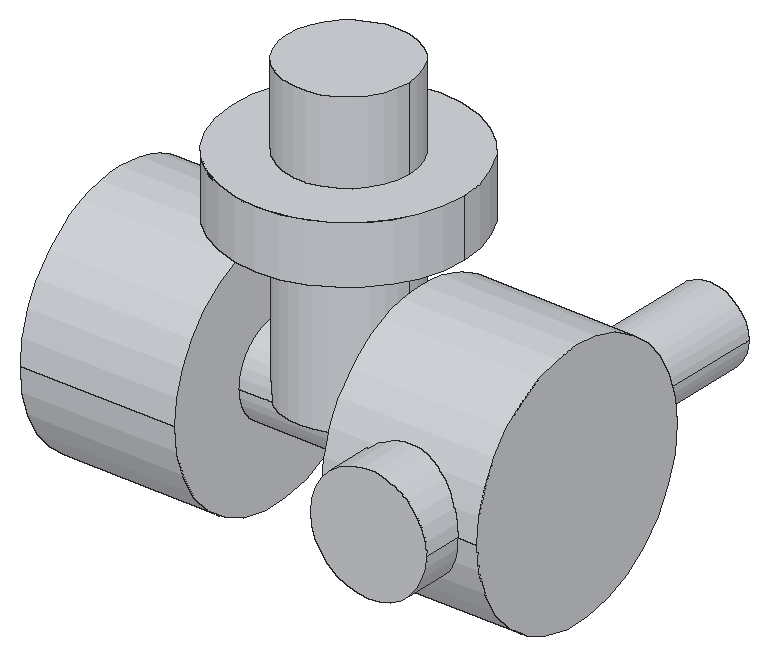
Revit family "M_Compositor de circuito - 15-50 mm", category Acessórios do tubo, Revit 2019
Family settings
  Cota do conector redondo = Usar raio
  Tipo de parte = Válvula - Quebra entre
  Número OmniClass = 23.65.55.14.17
  Título OmniClass = Adjusting/Controlling Valves for Liquid Services
  ID de item do Seek = Circuit Setter - 15-50 mm-0000-CAN-ENU
  Com base no plano de trabalho = Não
  Sempre na vertical = Sim
  Corte com vazios quando carregada = Não
  Compartilhado = Não
Parameters (values of type "15 mm")
  Raio do soquete = (Diâmetro nominal / 2) + 13 mm  # 20.5 mm
  Queda de pressão [instance] = 149000.0 Pa
  Largura total = 70 mm
  Comprimento total = 75 mm
  Altura total = 56 mm
  Raio nominal = 7.5 mm
  Diâmetro nominal = Raio nominal * 2  # 15 mm
  Comprimento 1 = Altura total - Raio do soquete  # 35.5 mm
  K Coefficient = 4.54
  Altura2 = Raio do soquete + 6 mm  # 26.5 mm
  Altura 1 = Largura total - Raio do soquete  # 49.5 mm
  Material do compositor de circuito = none
  Raio do corpo = Raio nominal  # 7.5 mm
Types (7, lengths in mm): name | Raio do soquete | Largura total | Comprimento total | Altura total | Raio nominal | Diâmetro nominal | Comprimento 1 | K Coefficient | Altura2 | Altura 1 | Raio do corpo
  (no name) | 20.5 | 70 | 75 | 56 | 7.5 | 15 | 35.5 | 4.54 | 26.5 | 49.5 | 7.5
  15 mm | 20.5 | 70 | 75 | 56 | 7.5 | 15 | 35.5 | 4.54 | 26.5 | 49.5 | 7.5
  20 mm | 23 | 75 | 78 | 60 | 10 | 20 | 37 | 6.79 | 29 | 52 | 10
  25 mm | 25.5 | 81 | 100 | 68 | 12.5 | 25 | 42.5 | 5.09 | 31.5 | 55.5 | 12.5
  32 mm | 29 | 89 | 111 | 83 | 16 | 32 | 54 | 1.08 | 35 | 60 | 16
  40 mm | 33 | 97 | 113 | 88 | 20 | 40 | 55 | 0.51 | 39 | 64 | 20
  50 mm | 38 | 108 | 130 | 102 | 25 | 50 | 64 | 2.6 | 44 | 70 | 25
Reference planes
  plane 1 "Centro (Frente/Trás)": y = 0
  plane 2: z = 0
  plane 3 "Centro (Esquerda/Direita)": x = 0
  plane 4: x = -37.5
  plane 5: x = 37.5
  plane 6: y = 43.15
  plane 7: y = -26.85
  plane 8: x = -12.1
  plane 9: y = -20.5
  plane 10: y = 20.5
  plane 11: x = 12.1
  plane 12: z = 26.5
  plane 13: z = 36.025
  plane 14: z = 49.5
  plane 15: x = 24.8
  plane 16: x = -24.8
Forms (mm)
  Extrusion 1, solid, material <- "Material do compositor de circuito", detail levels fine
    sketch origin (0, 0, 0) x (0, 1, 0) y (0, 0, 1)
      loop
        circle (0, 0) r 20.5
    from 12.1 to 37.5
  Extrusion 2, solid, material <- "Material do compositor de circuito", detail levels fine
    sketch origin (0, 0, 0) x (0, 1, 0) y (0, 0, -1)
      loop
        circle (0, 0) r 20.5
    from 12.1 to 37.5
  Extrusion 3, solid, material <- "Material do compositor de circuito", detail levels fine
    sketch origin (23.812, 0, 0) x (0, 1, 0) y (0, 0, -1)
      loop
        circle (0, 0) r 7.5
    from 11.712 to 35.912
  Extrusion 4, solid, material <- "Material do compositor de circuito", detail levels fine
    sketch origin (0, 0, 0) x (1, 0, 0) y (0, 1, 0)
      loop
        circle (0, 0) r 19.05
    from 36.025 to 26.5
  Extrusion 5, solid, material <- "Material do compositor de circuito", detail levels fine
    sketch origin (0, 0, 0) x (1, 0, 0) y (0, 1, 0)
      loop
        circle (0, 0) r 10.055
    from 0 to 49.5
  Extrusion 6, solid, material <- "Material do compositor de circuito", detail levels fine
    sketch origin (0, 0, 0) x (1, 0, 0) y (0, 0, 1)
      loop
        circle (-24.8, 0) r 6.35
    from 0 to -43.15
  Extrusion 7, solid, material <- "Material do compositor de circuito", detail levels fine
    sketch origin (0, 0, 0) x (-1, 0, 0) y (0, 0, -1)
      loop
        circle (-24.8, 0) r 6.35
    from 0 to -43.15
  Extrusion 8, solid, material <- "Material do compositor de circuito", detail levels fine
    sketch origin (0, 0, 0) x (-1, 0, 0) y (0, 0, 1)
      loop
        circle (-24.8, 0) r 9.525
    from 0 to -26.85
Cuts and joins
  joined: Extrusion 1, Extrusion 2, Extrusion 4, Extrusion 5, Extrusion 6, Extrusion 7, Extrusion 8
Lines and regions (mm)
  model lines, detail levels coarse+medium
    curve 1: line (0, 0, 0) -> (37.5, 21.651, 0)
    curve 2: line (0, 0, 0) -> (37.5, -21.651, 0)
    curve 3: line (37.5, 21.651, 0) -> (37.5, -21.651, 0)
    curve 4: line (0, 0, 0) -> (-37.5, 21.651, 0)
    curve 5: line (0, 0, 0) -> (-37.5, -21.651, 0)
    curve 6: line (-37.5, 21.651, 0) -> (-37.5, -21.651, 0)
  model lines
    curve 7: line (-24.8, 43.15, 0) -> (-24.8, 14.318, 0)
    curve 8: line (24.8, 43.15, 0) -> (24.8, 14.318, 0)
Dimensions and locks
  equal spacing: plane 4, plane 3 "Centro (Esquerda/Direita)", plane 5
  "Comprimento total": plane 4 to plane 5
  locked: plane 4 to plane 8 at 25.4
  equal spacing: plane 9, plane 1 "Centro (Frente/Trás)", plane 10
  "Raio do soquete": plane 9 to plane 1 "Centro (Frente/Trás)"
  locked: plane 9 to plane 7 at 6.35
  "Largura total": plane 6 to plane 7
  plane 11 to plane 5 = 25.4 mm
  equal spacing: plane 8, plane 3 "Centro (Esquerda/Direita)", plane 11
  plane 4 to plane 8 = 25.4 mm
  "Altura2": plane 12 to plane 2
  locked: plane 13 to plane 12 at 9.525
  "Altura 1": plane 14 to plane 2
  equal spacing: plane 4, plane 16, plane 8
  equal spacing: plane 11, plane 15, plane 5
  "Raio do soquete": radius of Extrusion 1 sketch curve
  "Raio do soquete": radius of Extrusion 2 sketch curve
  "Raio nominal": radius of Extrusion 3 sketch curve
  radius of Extrusion 4 sketch curve = 19.05 mm
  radius of Extrusion 6 sketch curve = 6.35 mm
  radius of Extrusion 7 sketch curve = 6.35 mm
  radius of Extrusion 8 sketch curve = 9.525 mm
  locked: plane 1 "Centro (Frente/Trás)" to curve 1 (angle 30.00°)
  locked: curve 2 to plane 1 "Centro (Frente/Trás)" (angle 30.00°)
  locked: curve 4 to plane 1 "Centro (Frente/Trás)" (angle 30.00°)
  locked: plane 1 "Centro (Frente/Trás)" to curve 5 (angle 30.00°)
  aligned and locked: plane 1 "Centro (Frente/Trás)" to Extrusion 1 sketch curve
  aligned and locked: level to Extrusion 1 sketch curve
  aligned and locked: plane 5 to Extrusion 1
  aligned and locked: Extrusion 2 to plane 4
  aligned and locked: plane 8 to Extrusion 2
  aligned and locked: plane 11 to Extrusion 1
  aligned and locked: plane 1 "Centro (Frente/Trás)" to Extrusion 2 sketch curve
  aligned and locked: plane 2 to Extrusion 2 sketch curve
  aligned and locked: plane 1 "Centro (Frente/Trás)" to Extrusion 3 sketch curve
  aligned and locked: plane 2 to Extrusion 3 sketch curve
  aligned and locked: Extrusion 3 to plane 8
  aligned and locked: Extrusion 3 to Extrusion 1
  aligned and locked: plane 3 "Centro (Esquerda/Direita)" to Extrusion 4 sketch curve
  aligned and locked: plane 1 "Centro (Frente/Trás)" to Extrusion 4 sketch curve
  aligned and locked: plane 12 to Extrusion 4
  aligned and locked: plane 3 "Centro (Esquerda/Direita)" to Extrusion 5 sketch curve
  aligned and locked: plane 1 "Centro (Frente/Trás)" to Extrusion 5 sketch curve
  aligned and locked: plane 13 to Extrusion 4
  aligned and locked: plane 14 to Extrusion 5
  aligned and locked: plane 16 to Extrusion 6 sketch curve
  aligned and locked: plane 2 to Extrusion 6 sketch curve
  aligned and locked: plane 15 to Extrusion 7 sketch curve
  aligned and locked: level to Extrusion 7 sketch curve
  aligned and locked: plane 6 to Extrusion 7
  aligned and locked: plane 6 to Extrusion 6
  aligned and locked: Extrusion 8 to plane 7
  aligned and locked: Extrusion 8 to plane 1 "Centro (Frente/Trás)"
  aligned and locked: plane 1 "Centro (Frente/Trás)" to curve 1
  aligned and locked: plane 5 to curve 1
  aligned and locked: plane 3 "Centro (Esquerda/Direita)" to curve 1
  aligned and locked: cut or joined group of Extrusion 1, Extrusion 2, Extrusion 4, Extrusion 5, Extrusion 6, Extrusion 7, Extrusion 8 to plane 4
  aligned and locked: curve 7 to cut or joined group of Extrusion 1, Extrusion 2, Extrusion 4, Extrusion 5, Extrusion 6, Extrusion 7, Extrusion 8
  aligned and locked: curve 7 to plane 16
  aligned and locked: cut or joined group of Extrusion 1, Extrusion 2, Extrusion 4, Extrusion 5, Extrusion 6, Extrusion 7, Extrusion 8 to curve 8
  aligned and locked: curve 8 to plane 15
Automatic sketch dimensions
  Extrusion 8 sketch curve to level = 0 mm
  Extrusion 8 sketch curve to plane 15 = 0 mm
  curve 6 to plane 4 = 0 mm
  radius of Extrusion 5 sketch curve = 10.055 mm
Connectors
  piping at (-37.5, 0, 0), diameter 15, driven by "Raio nominal"
    settings: on cut or joined group of Extrusion 1, Extrusion 2, Extrusion 4, Extrusion 5, Extrusion 6, Extrusion 7, Extrusion 8, index 1, connector inside diameter 15 mm, connector length 0 mm, flow factor 0, pipe flow 0.0 L/s, pressure drop 0.0 Pa, fitting loss kfactor 0, connector angle 0.00°, fixture units 0, engagement length 0 mm, angle of deflection 0.00°, flow configuration 0, flow direction 0, fitting loss method 2, system type 29, joint type 0, gender type 0, connector reference index 2, connector utility 0, adjustable connector no, is connector primary yes, connector description ""
  piping at (37.5, 0, 0), diameter 15, driven by "Raio nominal", driven by "K Coefficient"
    settings: on cut or joined group of Extrusion 1, Extrusion 2, Extrusion 4, Extrusion 5, Extrusion 6, Extrusion 7, Extrusion 8, index 2, connector inside diameter 15 mm, connector length 0 mm, flow factor 0, pipe flow 0.0 L/s, pressure drop 0.0 Pa, fitting loss kfactor 4.54, connector angle 0.00°, fixture units 0, engagement length 0 mm, angle of deflection 0.00°, flow configuration 0, flow direction 0, fitting loss method 2, system type 29, joint type 0, gender type 0, connector reference index 1, connector utility 0, adjustable connector no, is connector primary no, connector description ""
